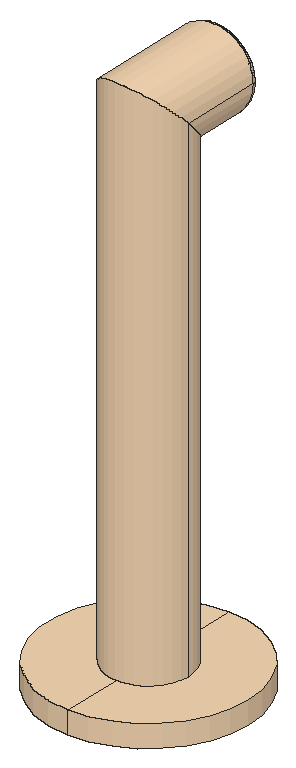
Revit family "Accessory-Tissue_Holder-KALLISTA-Eastside-P33006", category Specialty Equipment, host Face, Revit 2021
Family settings
  Host = Face
  Round Connector Dimension = Use Diameter
  Part Type = Normal
  OmniClass Number = 23.31.25.00
  OmniClass Title = Toilet and Bath Specialties
  Cut with Voids When Loaded = No
  Shared = No
  Room Calculation Point = No
Parameters (values of type "2MB-Brushed Brass")
  Width = 1 99/128"  # constant formula
  WaterSense Certified = 1 = 0  # no
  URL = "https://www.kallista.com/"
  Type = 1
  Product Page URL = ""
  Product Name = "Eastside"  # constant formula
  Product Documentation Link = ""
  Model = if(Type = 1, "P33006-00-2MB", if(Type = 2, "P33006-00-BGP", if(Type = 3, "P33006-00-BL", if(Type = 4, "P33006-00-BLH", if(Type = 5, "P33006-00-BN", if(Type = 6, "P33006-00-CP", "NA"))))))  # "P33006-00-2MB"
  Material = "Premium Metal Construction"  # constant formula
  Master Format 2014 Name = "Toilet, Bath, and Laundry Accessories"  # constant formula
  Master Format 2014 = "10 28 00"  # constant formula
  Manufacturer Address = "444 Highland Dr, Kohler, WI 53044"  # constant formula
  Manufacturer = "Kallista Co."  # constant formula
  Length = 4 59/64"  # constant formula
  Height = 1.77165"  # constant formula
  Finish = Kallista-Metal-2MB- Brushed_Brass
  Environmental Product Declaration = ""
  Description = "Toilet Paper Holder"  # constant formula
  Default Elevation = 42"
  Declare Label = ""
  Date Modified = "10/12/2024"  # constant formula
  Date Created = "10/12/2024"  # constant formula
  Copyright = "Copyright Kallista Co."  # constant formula
  Contact Us = "https://www.kallista.com/corporate/contact-us/"
  Assembly Code = "C1030200"
  ADA Compliant = 1 = 0  # no
Types (7): name | Type | Model | Finish
  (no name) | 1 | "P33006-00-2MB" | Kallista-Metal-2MB- Brushed_Brass
  2MB-Brushed Brass | 1 | "P33006-00-2MB" | Kallista-Metal-2MB- Brushed_Brass
  BGP-Brushed Graphite | 2 | "P33006-00-BGP" | Kallista-Metal-BGP-Brushed_Graphite
  BL-Matte Black | 3 | "P33006-00-BL" | Kallista-Metal-BL-Matte_Black
  BLH-Blush Brass | 4 | "P33006-00-BLH" | Kallista-Metal-BLH-Blush_Brass
  BN-Brushed Nickel | 5 | "P33006-00-BN" | Kallista-Metal-BN-Brushed_Nickel
  CP-Chrome | 6 | "P33006-00-CP" | Kallista-Metal-CP-Chrome
Reference planes (in)
  plane 1 "Center (Front/Back)": y = 0
  plane 2: z = 0
  plane 3 "Center (Left/Right)": x = 0
  plane 4: y = -0.25
  plane 5: y = -0.60433
  plane 6: x = -0.88583
  plane 7: y = 0.63583
  plane 8: x = 0.88761
  plane 9: y = -1.13583
  plane 10: y = 0.49803
  plane 11: x = -0.35433
  plane 12: x = -0.35433
  plane 13: x = 0.35433
  plane 14: z = 4.92187
  plane 15: z = 0.19685
  plane 16: z = 4.56693
  plane 17: z = 4.21321
  plane 18: y = 0.10433
Dimensions and locks (in)
  plane 10 to plane 5 = 1.10236"
  plane 15 to level = 0.19685"
  plane 7 to plane 9 = 1.77165"
  plane 18 to plane 5 = 0.70866"
  plane 6 to plane 8 = 1 99/128"
  plane 17 to plane 14 = 0.70866"
  level to plane 15 = 0.19685"
  level to plane 14 = 4 59/64"
  "Height": plane 7 to plane 9
  "Length": level to plane 14
  "Width": plane 6 to plane 8
  aligned and locked: plane 2 to host face
  aligned and locked: level to host face
Automatic sketch dimensions
  host sketch curve to host sketch curve = 96"  (x2)
Nested families (in)
  nested 1: "P33006" at (0, -0.25, 0), type "P33006"
Definition of nested family "P33006"
  Parameters
    Material = none
    Default Elevation = 0"
  Reference planes (in)
    plane 1 "Center (Front/Back)": y = 0
    plane 2: z = 0
    plane 3 "Center (Left/Right)": x = 0
    plane 4: x = -0.88583
    plane 5: x = 0.88583
    plane 6: y = -0.88583
    plane 7: y = 0.88583
    plane 8: z = 4.92126
    plane 9: z = 0.19685
    plane 10: x = -0.35433
    plane 11: x = 0.35433
    plane 12: y = 0.35433
    plane 13: y = -0.35433
    plane 14: z = 4.56693
    plane 15: z = 4.2126
    plane 16: y = 0.74803
  Forms (in)
    Revolve 1, solid, material <- "Material"
      sketch origin (0, 0, 0) x (0, 1, 0) y (0, 0, 1)
        loop
          line (0, 0.19685) -> (0, 0) -> (0.88583, 0) -> (0.88583, 0.19685) -> (0, 0.19685)
        axis (0, 0) -> (0, 0.19685)
      angle from 0 to 360
    Sweep 2, solid, material <- "Material", detail levels medium+fine
      path origin (0, 0, 0) x (0, 1, 0) y (0, 0, 1)
        loop
          line (0, 0.19685) -> (0, 4.56693) -> (0.74803, 4.56693)
      profile origin (0, 0.74803, 4.56693) x (0, 0, 1) y (1, 0, 0)
        loop
          circle (0, 0) r 0.35433
    Sweep 3, solid, material <- "Material", detail levels coarse
      path origin (0, 0, 0) x (0, 1, 0) y (0, 0, 1)
        loop
          line (0, 0.19685) -> (0, 4.56693) -> (0.74803, 4.56693)
      profile origin (0, 0.74803, 4.56693) x (0, 0, 1) y (1, 0, 0)
        loop
          circle (0, 0) r 0.35433
    Sweep 4, void
      path origin (0, 0, 0) x (1, 0, 0) y (0, 0, 1)
        loop
          circle (0, 4.56693) r 0.35433
      profile origin (0, 0, 4.2126) x (0, 0, 1) y (0, -1, 0)
        loop
          arc (0.03517, -0.74803) -> (0.0103, -0.73773) -> (0, -0.71287) r 0.03517
          line (0, -0.71287) -> (0, -0.74803) -> (0.03517, -0.74803)
  Cuts and joins
    Sweep 4 cuts Sweep 2
  Lines and regions (in)
    Masking region 1
      outline origin (0, 0, 0) x (0, 1, 0) y (0, 0, 1)
        loop
          line (0.88583, 0) -> (0.88583, 0.19685) -> (0.35433, 0.19685) -> (0.35433, 4.2126) -> (0.74803, 4.2126) -> (0.74803, 4.92126) -> (-0.35433, 4.92126) -> (-0.35433, 0.19685) -> (-0.88583, 0.19685) -> (-0.88583, 0) -> (0.88583, 0)
    Masking region 2
      outline origin (0, 0, 0) x (1, 0, 0) y (0, 0, 1)
        loop
          arc (0.35433, 4.56693) -> (0, 4.92126) -> (-0.35433, 4.56693) r 0.35433
          line (-0.35433, 4.56693) -> (-0.35433, 0.19685) -> (-0.88583, 0.19685) -> (-0.88583, 0) -> (0.88583, 0) -> (0.88583, 0.19685) -> (0.35433, 0.19685) -> (0.35433, 4.56693)
    Masking region 3
      outline origin (0, 0, 0) x (1, 0, 0) y (0, 1, 0)
        loop
          circle (0, 0) r 0.88583
    symbolic lines, detail levels medium+fine
      curve 1: line (0, 0.35433, 4.2126) -> (0, -0.35433, 4.92126)
      curve 2: line (0, 0.35433, 0.19685) -> (0, -0.35433, 0.19685)
      curve 3: arc (-0.35433, 0, 4.56693) -> (0, 0, 4.2126) -> (0.35433, 0, 4.56693) r 0.35433
      curve 4: line (0.35433, 0, 0.19685) -> (-0.35433, 0, 0.19685)
      curve 5: line (0.35433, 0.74803, 0) -> (-0.35433, 0.74803, 0)
      curve 6: line (-0.35433, 0.74803, 0) -> (-0.35433, -0.001, 0)
      curve 7: line (0.35433, 0.74803, 0) -> (0.35433, -0.001, 0)
      curve 8: arc (-0.35433, -0.001, 0) -> (0, -0.35533, 0) -> (0.35433, -0.001, 0) r 0.35433
  Dimensions and locks (in)
    aligned and locked: plane 2 to level
